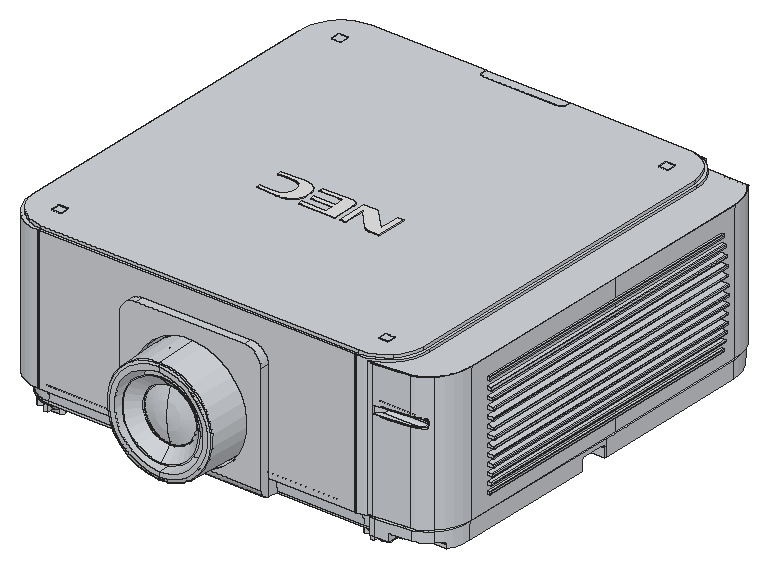
Revit family "PX602WL", category Generic Models, Revit 2012 (continued)
Forms (in)
  Extrusion 19, void
    sketch origin (0, 0, 0) x (1, 0, 0) y (0, 1, 0)
      loop
        line (7.63516, 1.75846) -> (7.64078, 1.38429)
        arc (7.64078, 1.38429) -> (7.6505, 1.36155) -> (7.67339, 1.35217) r 0.03261
        line (7.67339, 1.35217) -> (8.04145, 1.35217)
        spline (8.04145, 1.35217) -> (8.04655, 1.35251) -> (8.05156, 1.3535) -> (8.05639, 1.35514) -> (8.06096, 1.35739) -> (8.06519, 1.36022) -> (8.06902, 1.36357) -> (8.07238, 1.3674) -> (8.07521, 1.37164) -> (8.07746, 1.37621) -> (8.0791, 1.38104) -> (8.08009, 1.38605) -> (8.08043, 1.39114)
        line (8.08043, 1.39114) -> (8.07493, 1.75732)
        arc (8.07493, 1.75732) -> (8.06279, 1.78572) -> (8.03421, 1.79744) r 0.04073
      loop
        line (-7.61969, 1.39114) -> (-7.62518, 1.75703)
        arc (-7.62518, 1.75703) -> (-7.64346, 1.7998) -> (-7.6865, 1.81744) r 0.06133
        line (-7.6865, 1.81744) -> (-8.04598, 1.81744)
        spline (-8.04598, 1.81744) -> (-8.05369, 1.81693) -> (-8.06126, 1.81543) -> (-8.06856, 1.81295) -> (-8.07548, 1.80954) -> (-8.08189, 1.80526) -> (-8.08769, 1.80017) -> (-8.09278, 1.79438) -> (-8.09706, 1.78796) -> (-8.10047, 1.78104) -> (-8.10295, 1.77374) -> (-8.10445, 1.76617) -> (-8.10496, 1.75846)
        line (-8.10496, 1.75846) -> (-8.09936, 1.38538)
        arc (-8.09936, 1.38538) -> (-8.08325, 1.34771) -> (-8.04535, 1.33217) r 0.05402
        line (-8.04535, 1.33217) -> (-7.67866, 1.33217)
        spline (-7.67866, 1.33217) -> (-7.67096, 1.33267) -> (-7.66339, 1.33418) -> (-7.65608, 1.33666) -> (-7.64916, 1.34007) -> (-7.64275, 1.34435) -> (-7.63695, 1.34943) -> (-7.63187, 1.35523) -> (-7.62759, 1.36164) -> (-7.62418, 1.36856) -> (-7.6217, 1.37587) -> (-7.62019, 1.38344) -> (-7.61969, 1.39114)
      loop
        line (-7.68591, 1.79744) -> (-8.04598, 1.79744)
        spline (-8.04598, 1.79744) -> (-8.05108, 1.7971) -> (-8.05608, 1.79611) -> (-8.06091, 1.79447) -> (-8.06548, 1.79222) -> (-8.06972, 1.78939) -> (-8.07355, 1.78603) -> (-8.07691, 1.7822) -> (-8.07973, 1.77797) -> (-8.08199, 1.7734) -> (-8.08362, 1.76857) -> (-8.08462, 1.76356) -> (-8.08495, 1.75846)
        line (-8.08495, 1.75846) -> (-8.07934, 1.38429)
        arc (-8.07934, 1.38429) -> (-8.06962, 1.36155) -> (-8.04673, 1.35217) r 0.03261
        line (-8.04673, 1.35217) -> (-7.67866, 1.35217)
        spline (-7.67866, 1.35217) -> (-7.67357, 1.35251) -> (-7.66856, 1.3535) -> (-7.66373, 1.35514) -> (-7.65916, 1.35739) -> (-7.65493, 1.36022) -> (-7.6511, 1.36357) -> (-7.64774, 1.3674) -> (-7.64491, 1.37164) -> (-7.64266, 1.37621) -> (-7.64102, 1.38104) -> (-7.64003, 1.38605) -> (-7.63969, 1.39114)
        line (-7.63969, 1.39114) -> (-7.64519, 1.75732)
        arc (-7.64519, 1.75732) -> (-7.65733, 1.78572) -> (-7.68591, 1.79744) r 0.04073
      loop
        line (-7.61575, 18.2061) -> (-7.62124, 18.57199)
        arc (-7.62124, 18.57199) -> (-7.63952, 18.61476) -> (-7.68256, 18.6324) r 0.06133
        line (-7.68256, 18.6324) -> (-8.04205, 18.6324)
        spline (-8.04205, 18.6324) -> (-8.04975, 18.63189) -> (-8.05732, 18.63039) -> (-8.06463, 18.62791) -> (-8.07154, 18.6245) -> (-8.07796, 18.62022) -> (-8.08376, 18.61513) -> (-8.08884, 18.60934) -> (-8.09312, 18.60292) -> (-8.09653, 18.596) -> (-8.09901, 18.5887) -> (-8.10052, 18.58113) -> (-8.10102, 18.57342)
        line (-8.10102, 18.57342) -> (-8.09542, 18.20034)
        arc (-8.09542, 18.20034) -> (-8.07932, 18.16267) -> (-8.04141, 18.14713) r 0.05402
        line (-8.04141, 18.14713) -> (-7.67473, 18.14713)
        spline (-7.67473, 18.14713) -> (-7.66702, 18.14763) -> (-7.65945, 18.14914) -> (-7.65215, 18.15162) -> (-7.64523, 18.15503) -> (-7.63881, 18.15931) -> (-7.63302, 18.16439) -> (-7.62793, 18.17019) -> (-7.62365, 18.1766) -> (-7.62024, 18.18352) -> (-7.61776, 18.19083) -> (-7.61626, 18.1984) -> (-7.61575, 18.2061)
      loop
        line (-7.68197, 18.6124) -> (-8.04205, 18.6124)
        spline (-8.04205, 18.6124) -> (-8.04714, 18.61206) -> (-8.05215, 18.61107) -> (-8.05698, 18.60943) -> (-8.06155, 18.60718) -> (-8.06578, 18.60435) -> (-8.06961, 18.60099) -> (-8.07297, 18.59716) -> (-8.0758, 18.59293) -> (-8.07805, 18.58836) -> (-8.07969, 18.58353) -> (-8.08068, 18.57852) -> (-8.08102, 18.57343)
        line (-8.08102, 18.57343) -> (-8.0754, 18.19925)
        arc (-8.0754, 18.19925) -> (-8.06568, 18.17651) -> (-8.04279, 18.16713) r 0.03261
        line (-8.04279, 18.16713) -> (-7.67473, 18.16713)
        spline (-7.67473, 18.16713) -> (-7.66963, 18.16747) -> (-7.66462, 18.16846) -> (-7.6598, 18.1701) -> (-7.65523, 18.17235) -> (-7.65099, 18.17518) -> (-7.64716, 18.17854) -> (-7.6438, 18.18237) -> (-7.64097, 18.1866) -> (-7.63872, 18.19117) -> (-7.63708, 18.196) -> (-7.63609, 18.20101) -> (-7.63575, 18.2061)
        line (-7.63575, 18.2061) -> (-7.64125, 18.57228)
        arc (-7.64125, 18.57228) -> (-7.65339, 18.60068) -> (-7.68197, 18.6124) r 0.04073
      loop
        arc (-1.79676, 19.46232) -> (-1.93197, 19.52626) -> (-1.98693, 19.66535) r 0.20347
        line (-1.98693, 19.66535) -> (-1.98693, 20.03937) -> (-2.02693, 20.03937) -> (-2.02693, 19.66535)
        arc (-2.02693, 19.66535) -> (-1.96069, 19.49842) -> (-1.79801, 19.42232) r 0.24347
        line (-1.79801, 19.42232) -> (1.76892, 19.42232)
        arc (1.76892, 19.42232) -> (1.94064, 19.47942) -> (2.02553, 19.63924) r 0.24347
        line (2.02553, 19.63924) -> (2.02368, 20.03937) -> (1.98368, 20.03937) -> (1.98552, 19.6414)
        arc (1.98552, 19.6414) -> (1.9235, 19.51774) -> (1.79676, 19.46232) r 0.20347
        line (1.79676, 19.46232) -> (-1.79676, 19.46232)
    from 7.88583 to 8.68365
  Extrusion 20, void
    sketch origin (0, 0, 0) x (1, 0, 0) y (0, 0, 1)
      loop
        line (8.20807, 7.89363) -> (8.20807, 2.34116) -> (10.60515, 2.383)
        arc (10.60515, 2.383) -> (10.77909, 2.45774) -> (10.85078, 2.63296) r 0.25
        line (10.85078, 2.63296) -> (10.85078, 7.55992)
        arc (10.85078, 7.55992) -> (10.78062, 7.73359) -> (10.60951, 7.80977) r 0.25
        line (10.60951, 7.80977) -> (8.20807, 7.89363)
    from -20.19187 to -19.37647
  Extrusion 21, solid
    sketch origin (0, 0, 0) x (1, 0, 0) y (0, 1, 0)
      loop
        line (8.43945, 19.99937) -> (8.39945, 19.99937) -> (8.39945, 19.85466)
        arc (8.39945, 19.85466) -> (8.4195, 19.84516) -> (8.43945, 19.83544) r 1.9685
        line (8.43945, 19.83544) -> (8.43945, 19.99937)
    from 8.00394 to 8.44766
  Extrusion 22, solid
    sketch origin (0, 0, 0) x (0, 1, 0) y (0, 0, 1)
      loop
        line (19.45669, 8.4316) -> (19.41669, 8.4316) -> (19.41669, 8.1612)
        spline (19.41669, 8.1612) -> (19.41839, 8.13544) -> (19.42342, 8.11013) -> (19.4317, 8.08569) -> (19.44311, 8.06255) -> (19.45744, 8.04109) -> (19.47444, 8.02169) -> (19.49385, 8.00469) -> (19.51531, 7.99035) -> (19.53845, 7.97894) -> (19.56288, 7.97066) -> (19.5882, 7.96563) -> (19.61396, 7.96394)
        line (19.61396, 7.96394) -> (20.03516, 7.96394) -> (20.03516, 8.00394) -> (19.61396, 8.00394)
        spline (19.61396, 8.00394) -> (19.59341, 8.00528) -> (19.57323, 8.00929) -> (19.55374, 8.0159) -> (19.53529, 8.02499) -> (19.51819, 8.03641) -> (19.50273, 8.04997) -> (19.48917, 8.06543) -> (19.47775, 8.08254) -> (19.46866, 8.10099) -> (19.46205, 8.12047) -> (19.45804, 8.14066) -> (19.45669, 8.1612)
        line (19.45669, 8.1612) -> (19.45669, 8.4316)
    from 8.43945 to 11.05244
  Extrusion 23, void
    sketch origin (0, 0, 0) x (1, 0, 0) y (0, 1, 0)
      loop
        line (10.95724, 19.41669) -> (11.05244, 19.41669) -> (11.05244, 20.03516) -> (8.66351, 20.03516)
        arc (8.66351, 20.03516) -> (9.3974, 19.98738) -> (10.12622, 19.88887) r 10.60873
        arc (10.12622, 19.88887) -> (10.58319, 19.72575) -> (10.95724, 19.41669) r 1.40265
    from 7.91293 to 8.45044
  Extrusion 24, void
    sketch origin (0, 0, 0) x (1, 0, 0) y (0, 0, 1)
      loop
        line (1.78395, 7.68898) -> (-1.78298, 7.68898) -> (-1.78298, 7.64898) -> (1.78395, 7.64898) -> (1.78395, 7.68898)
    from -20.23011 to -19.88189
  Extrusion 25, void
    sketch origin (0, 0, 0) x (1, 0, 0) y (0, 0, 1)
      loop
        line (-9.98329, 7.48031) -> (-9.98329, 7.44094) -> (9.47687, 7.44094) -> (9.47687, 7.48031) -> (-9.98329, 7.48031)
    from -20.19187 to -18
  Extrusion 26, void
    sketch origin (0, 0, 0) x (1, 0, 0) y (0, 0, 1)
      loop
        line (1.58758, 7.27611) -> (-7.59447, 7.27611)
        arc (-7.59447, 7.27611) -> (-7.81719, 7.18386) -> (-7.90944, 6.96115) r 0.31496
        line (-7.90944, 6.96115) -> (-7.90944, 3.86173)
        arc (-7.90944, 3.86173) -> (-7.81719, 3.63902) -> (-7.59447, 3.54677) r 0.31496
        line (-7.59447, 3.54677) -> (1.58758, 3.54677)
        arc (1.58758, 3.54677) -> (1.81029, 3.63902) -> (1.90254, 3.86173) r 0.31496
        line (1.90254, 3.86173) -> (1.90254, 6.96115)
        arc (1.90254, 6.96115) -> (1.81029, 7.18386) -> (1.58758, 7.27611) r 0.31496
      loop
        line (-6.70407, 3.05762) -> (-6.70407, 2.18636)
        arc (-6.70407, 2.18636) -> (-6.66563, 2.09356) -> (-6.57283, 2.05512) r 0.13124
        line (-6.57283, 2.05512) -> (-5.26554, 2.05512)
        arc (-5.26554, 2.05512) -> (-5.18032, 2.09042) -> (-5.14502, 2.17564) r 0.12052
        line (-5.14502, 2.17564) -> (-5.14502, 3.04993)
        arc (-5.14502, 3.04993) -> (-5.18344, 3.14268) -> (-5.27619, 3.1811) r 0.13117
        line (-5.27619, 3.1811) -> (-6.58059, 3.1811)
        arc (-6.58059, 3.1811) -> (-6.6679, 3.14494) -> (-6.70407, 3.05762) r 0.12348
      loop
        circle (7.0871, 7.79528) r 0.15748
      loop
        circle (7.0871, 2.32283) r 0.17717
      loop
        circle (7.0871, 2.32283) r 0.0748
      loop
        circle (7.0871, 7.79528) r 0.0748
      loop
        circle (0.00049, 2.32283) r 0.17717
      loop
        circle (0.00049, 2.32283) r 0.09445
      loop
        arc (-0.82825, 2.22638) -> (-0.80041, 2.23791) -> (-0.78888, 2.26575) r 0.03937
        line (-0.78888, 2.26575) -> (-0.78888, 2.30512)
        arc (-0.78888, 2.30512) -> (-0.80041, 2.33296) -> (-0.82825, 2.34449) r 0.03937
        line (-0.82825, 2.34449) -> (-1.0251, 2.34449)
        arc (-1.0251, 2.34449) -> (-1.05294, 2.33296) -> (-1.06447, 2.30512) r 0.03937
        line (-1.06447, 2.30512) -> (-1.06447, 2.26575)
        arc (-1.06447, 2.26575) -> (-1.05294, 2.23791) -> (-1.0251, 2.22638) r 0.03937
        line (-1.0251, 2.22638) -> (-0.82825, 2.22638)
      loop
        circle (-7.08613, 2.32283) r 0.17717
      loop
        circle (-7.08613, 2.32283) r 0.0748
      loop
        circle (-7.08613, 7.79528) r 0.15748
      loop
        circle (-7.08613, 7.79528) r 0.0748
    from -20.19851 to -19.72734
  Extrusion 27, solid
    sketch origin (0, 0, 0) x (1, 0, 0) y (0, 0, 1)
      loop
        line (1.88254, 3.86173) -> (1.88254, 6.96115)
        arc (1.88254, 6.96115) -> (1.79615, 7.16972) -> (1.58758, 7.25611) r 0.29496
        line (1.58758, 7.25611) -> (-7.59447, 7.25611)
        arc (-7.59447, 7.25611) -> (-7.80304, 7.16972) -> (-7.88944, 6.96115) r 0.29496
        line (-7.88944, 6.96115) -> (-7.88944, 3.86173)
        arc (-7.88944, 3.86173) -> (-7.80304, 3.65316) -> (-7.59447, 3.56677) r 0.29496
        line (-7.59447, 3.56677) -> (1.58758, 3.56677)
        arc (1.58758, 3.56677) -> (1.79615, 3.65316) -> (1.88254, 3.86173) r 0.29496
      loop
        line (-6.77508, 4.01086) -> (0.73665, 4.01086)
        arc (0.73665, 4.01086) -> (0.98236, 4.11262) -> (1.08411, 4.35827) r 0.3474
        line (1.08411, 4.35827) -> (1.08411, 5.09843)
        arc (1.08411, 5.09843) -> (0.98236, 5.34407) -> (0.73671, 5.44582) r 0.3474
        line (0.73671, 5.44582) -> (-6.7751, 5.44583)
        arc (-6.7751, 5.44583) -> (-7.02075, 5.34407) -> (-7.1225, 5.09843) r 0.3474
        line (-7.1225, 5.09843) -> (-7.12251, 4.35827)
        arc (-7.12251, 4.35827) -> (-7.02075, 4.11262) -> (-6.77508, 4.01086) r 0.3474
      loop
        line (-7.09006, 5.09703) -> (-7.09006, 4.35716)
        arc (-7.09006, 4.35716) -> (-6.99814, 4.13523) -> (-6.77621, 4.04331) r 0.31386
        line (-6.77621, 4.04331) -> (0.74062, 4.04331)
        arc (0.74062, 4.04331) -> (0.96057, 4.13441) -> (1.05167, 4.35435) r 0.31104
        line (1.05167, 4.35435) -> (1.05167, 5.09739)
        arc (1.05167, 5.09739) -> (0.95912, 5.32083) -> (0.73567, 5.41339) r 0.31599
        line (0.73567, 5.41339) -> (-6.7737, 5.41339)
        arc (-6.7737, 5.41339) -> (-6.9974, 5.32073) -> (-7.09006, 5.09703) r 0.31636
      loop
        circle (0.76033, 4.70866) r 0.15748
      loop
        circle (0.76033, 4.70866) r 0.1378
      loop
        circle (0.76033, 4.70866) r 0.08268
      loop
        circle (-6.79872, 4.70866) r 0.15748
      loop
        circle (-6.79872, 4.70866) r 0.1378
      loop
        circle (-6.79872, 4.70866) r 0.0689
      loop
        line (1.49358, 6.08627) -> (1.49358, 6.65279)
        arc (1.49358, 6.65279) -> (1.47728, 6.69214) -> (1.43792, 6.70844) r 0.05566
        line (1.43792, 6.70844) -> (0.78732, 6.70844)
        arc (0.78732, 6.70844) -> (0.74528, 6.69103) -> (0.72787, 6.64899) r 0.05945
        line (0.72787, 6.64899) -> (0.72787, 6.08767)
        arc (0.72787, 6.08767) -> (0.74541, 6.04532) -> (0.78776, 6.02778) r 0.05989
        line (0.78776, 6.02778) -> (1.43509, 6.02778)
        arc (1.43509, 6.02778) -> (1.47645, 6.04491) -> (1.49358, 6.08627) r 0.05849
      loop
        line (-0.6951, 7.18974) -> (-3.49004, 7.18974)
        arc (-3.49004, 7.18974) -> (-3.59124, 7.14783) -> (-3.63315, 7.04663) r 0.14311
        line (-3.63315, 7.04663) -> (-3.63315, 6.78342)
        arc (-3.63315, 6.78342) -> (-3.59724, 6.69661) -> (-3.5105, 6.66052) r 0.1229
        line (-3.5105, 6.66052) -> (-0.69129, 6.65474)
        arc (-0.69129, 6.65474) -> (-0.59483, 6.69452) -> (-0.55485, 6.7909) r 0.13616
        line (-0.55485, 6.7909) -> (-0.55485, 7.04949)
        arc (-0.55485, 7.04949) -> (-0.59593, 7.14866) -> (-0.6951, 7.18974) r 0.14025
      loop
        line (-0.69629, 7.16634) -> (-3.49171, 7.16634)
        spline (-3.49171, 7.16634) -> (-3.50712, 7.16533) -> (-3.52227, 7.16232) -> (-3.53689, 7.15736) -> (-3.55074, 7.15053) -> (-3.56358, 7.14195) -> (-3.57518, 7.13177) -> (-3.58536, 7.12017) -> (-3.59394, 7.10733) -> (-3.60077, 7.09348) -> (-3.60573, 7.07886) -> (-3.60874, 7.06371) -> (-3.60975, 7.0483)
        line (-3.60975, 7.0483) -> (-3.60975, 6.79619)
        spline (-3.60975, 6.79619) -> (-3.60874, 6.78078) -> (-3.60573, 6.76563) -> (-3.60077, 6.75101) -> (-3.59394, 6.73716) -> (-3.58536, 6.72432) -> (-3.57518, 6.71271) -> (-3.56358, 6.70254) -> (-3.55074, 6.69396) -> (-3.53689, 6.68713) -> (-3.52227, 6.68217) -> (-3.50712, 6.67916) -> (-3.49171, 6.67815)
        line (-3.49171, 6.67815) -> (-0.69629, 6.67815)
        spline (-0.69629, 6.67815) -> (-0.68088, 6.67916) -> (-0.66573, 6.68217) -> (-0.65111, 6.68713) -> (-0.63726, 6.69396) -> (-0.62442, 6.70254) -> (-0.61282, 6.71271) -> (-0.60264, 6.72432) -> (-0.59406, 6.73716) -> (-0.58723, 6.75101) -> (-0.58227, 6.76563) -> (-0.57926, 6.78078) -> (-0.57825, 6.79619)
        line (-0.57825, 6.79619) -> (-0.57825, 7.0483)
        spline (-0.57825, 7.0483) -> (-0.57926, 7.06371) -> (-0.58227, 7.07886) -> (-0.58723, 7.09348) -> (-0.59406, 7.10733) -> (-0.60264, 7.12017) -> (-0.61282, 7.13177) -> (-0.62442, 7.14195) -> (-0.63726, 7.15053) -> (-0.65111, 7.15736) -> (-0.66573, 7.16232) -> (-0.68088, 7.16533) -> (-0.69629, 7.16634)
      loop
        line (-0.71605, 7.07579) -> (-1.3066, 7.07579)
        arc (-1.3066, 7.07579) -> (-1.33444, 7.06426) -> (-1.34597, 7.03642) r 0.03937
        line (-1.34597, 7.03642) -> (-1.34597, 6.80807)
        arc (-1.34597, 6.80807) -> (-1.33444, 6.78023) -> (-1.3066, 6.7687) r 0.03937
        line (-1.3066, 6.7687) -> (-0.71605, 6.7687)
        arc (-0.71605, 6.7687) -> (-0.68821, 6.78023) -> (-0.67668, 6.80807) r 0.03937
        line (-0.67668, 6.80807) -> (-0.67668, 7.03642)
        arc (-0.67668, 7.03642) -> (-0.68821, 7.06426) -> (-0.71605, 7.07579) r 0.03937
      loop
        arc (-3.35384, 7.07579) -> (-3.38168, 7.06426) -> (-3.39321, 7.03642) r 0.03937
        line (-3.39321, 7.03642) -> (-3.39321, 6.80807)
        arc (-3.39321, 6.80807) -> (-3.38168, 6.78023) -> (-3.35384, 6.7687) r 0.03937
        line (-3.35384, 6.7687) -> (-2.76329, 6.7687)
        arc (-2.76329, 6.7687) -> (-2.73545, 6.78023) -> (-2.72392, 6.80807) r 0.03937
        line (-2.72392, 6.80807) -> (-2.72392, 7.03642)
        arc (-2.72392, 7.03642) -> (-2.73545, 7.06426) -> (-2.76329, 7.07579) r 0.03937
        line (-2.76329, 7.07579) -> (-3.35384, 7.07579)
      loop
        circle (-1.01132, 6) r 0.25962
      loop
        circle (-1.01132, 6) r 0.23828
      loop
        circle (-1.01132, 6) r 0.15748
      loop
        circle (-1.01132, 6) r 0.1378
      loop
        circle (-1.01132, 6) r 0.09055
      loop
        line (-1.4624, 6.29899) -> (-2.94828, 6.29899)
        arc (-2.94828, 6.29899) -> (-3.27963, 6.2295) -> (-3.36143, 5.90097) r 0.31867
        line (-3.36143, 5.90097) -> (-3.43663, 5.82198)
        arc (-3.43663, 5.82198) -> (-3.4317, 5.62191) -> (-3.23162, 5.62684) r 0.14151
        line (-3.23162, 5.62684) -> (-3.163, 5.69893)
        arc (-3.163, 5.69893) -> (-3.05546, 5.68134) -> (-2.94828, 5.70101) r 0.31867
        line (-2.94828, 5.70101) -> (-1.46108, 5.70101)
        arc (-1.46108, 5.70101) -> (-1.39097, 5.73004) -> (-1.36193, 5.80015) r 0.09915
        line (-1.36193, 5.80015) -> (-1.36193, 6.19853)
        arc (-1.36193, 6.19853) -> (-1.39136, 6.26957) -> (-1.4624, 6.29899) r 0.10047
      loop
        line (-1.46403, 6.27559) -> (-2.60547, 6.27559)
        spline (-2.60547, 6.27559) -> (-2.61574, 6.27492) -> (-2.62584, 6.27291) -> (-2.63559, 6.2696) -> (-2.64482, 6.26505) -> (-2.65338, 6.25933) -> (-2.66111, 6.25255) -> (-2.6679, 6.24481) -> (-2.67362, 6.23625) -> (-2.67817, 6.22702) -> (-2.68148, 6.21727) -> (-2.68348, 6.20717) -> (-2.68416, 6.1969)
        line (-2.68416, 6.1969) -> (-2.68416, 5.8031)
        spline (-2.68416, 5.8031) -> (-2.68348, 5.79283) -> (-2.68148, 5.78273) -> (-2.67817, 5.77298) -> (-2.67362, 5.76375) -> (-2.6679, 5.75519) -> (-2.66111, 5.74745) -> (-2.65338, 5.74067) -> (-2.64482, 5.73495) -> (-2.63559, 5.7304) -> (-2.62584, 5.72709) -> (-2.61574, 5.72508) -> (-2.60547, 5.72441)
        line (-2.60547, 5.72441) -> (-1.46403, 5.72441)
        spline (-1.46403, 5.72441) -> (-1.45376, 5.72508) -> (-1.44366, 5.72709) -> (-1.43391, 5.7304) -> (-1.42468, 5.73495) -> (-1.41612, 5.74067) -> (-1.40838, 5.74745) -> (-1.4016, 5.75519) -> (-1.39588, 5.76375) -> (-1.39133, 5.77298) -> (-1.38802, 5.78273) -> (-1.38601, 5.79283) -> (-1.38534, 5.8031)
        line (-1.38534, 5.8031) -> (-1.38534, 6.1969)
        spline (-1.38534, 6.1969) -> (-1.38601, 6.20717) -> (-1.38802, 6.21727) -> (-1.39133, 6.22702) -> (-1.39588, 6.23625) -> (-1.4016, 6.24481) -> (-1.40838, 6.25255) -> (-1.41612, 6.25933) -> (-1.42468, 6.26505) -> (-1.43391, 6.2696) -> (-1.44366, 6.27291) -> (-1.45376, 6.27492) -> (-1.46403, 6.27559)
      loop
        circle (-1.54282, 6) r 0.0689
      loop
        circle (-1.54282, 6) r 0.04245
      loop
        arc (-1.68527, 6.1983) -> (-1.6985, 6.22233) -> (-1.72421, 6.23189) r 0.03937
        line (-1.72421, 6.23189) -> (-2.34528, 6.23189)
        arc (-2.34528, 6.23189) -> (-2.37099, 6.22233) -> (-2.38423, 6.1983) r 0.03937
        line (-2.38423, 6.1983) -> (-2.44143, 5.81327)
        arc (-2.44143, 5.81327) -> (-2.4323, 5.78177) -> (-2.40248, 5.76811) r 0.03937
        line (-2.40248, 5.76811) -> (-1.66701, 5.76811)
        arc (-1.66701, 5.76811) -> (-1.6372, 5.78177) -> (-1.62807, 5.81327) r 0.03937
        line (-1.62807, 5.81327) -> (-1.68527, 6.1983)
      loop
        circle (-2.52668, 6) r 0.0689
      loop
        circle (-2.52668, 6) r 0.04245
      loop
        circle (-1.01132, 6.56791) r 0.06809
      loop
        circle (-1.01132, 6.56791) r 0.04841
      loop
        circle (-3.05871, 6.56319) r 0.06809
      loop
        circle (-3.05871, 6.56319) r 0.04841
      loop
        circle (-3.93652, 6.33858) r 0.14567
      loop
        circle (-3.93652, 6.33858) r 0.1378
      loop
        circle (-3.93652, 6.33858) r 0.09651
      loop
        circle (-3.93652, 6.33858) r 0.0748
      loop
        line (-4.4755, 6.27931) -> (-7.31014, 6.27931)
        arc (-7.31014, 6.27931) -> (-7.58945, 6) -> (-7.31014, 5.72069) r 0.27931
        line (-7.31014, 5.72069) -> (-7.10554, 5.72069)
        arc (-7.10554, 5.72069) -> (-6.94833, 5.52384) -> (-6.79112, 5.72069) r 0.1612
        line (-6.79112, 5.72069) -> (-4.4755, 5.72069)
        arc (-4.4755, 5.72069) -> (-4.19619, 6) -> (-4.4755, 6.27931) r 0.27931
      loop
        line (-5.15824, 7.09919) -> (-6.30615, 7.09919)
        arc (-6.30615, 7.09919) -> (-6.37855, 7.0692) -> (-6.40855, 6.99679) r 0.1024
        line (-6.40855, 6.99679) -> (-6.40855, 6.59206)
        arc (-6.40855, 6.59206) -> (-6.38194, 6.52781) -> (-6.31769, 6.5012) r 0.09085
        line (-6.31769, 6.5012) -> (-5.16011, 6.5012)
        arc (-5.16011, 6.5012) -> (-5.09139, 6.52967) -> (-5.06292, 6.59839) r 0.09719
        line (-5.06292, 6.59839) -> (-5.06292, 7.00387)
        arc (-5.06292, 7.00387) -> (-5.09084, 7.07127) -> (-5.15824, 7.09919) r 0.09532
      loop
        line (-6.38514, 6.9971) -> (-6.38514, 6.6033)
        spline (-6.38514, 6.6033) -> (-6.38447, 6.59302) -> (-6.38246, 6.58293) -> (-6.37915, 6.57318) -> (-6.3746, 6.56394) -> (-6.36888, 6.55539) -> (-6.3621, 6.54765) -> (-6.35436, 6.54086) -> (-6.3458, 6.53515) -> (-6.33657, 6.53059) -> (-6.32682, 6.52729) -> (-6.31672, 6.52528) -> (-6.30645, 6.52461)
        line (-6.30645, 6.52461) -> (-5.16501, 6.52461)
        spline (-5.16501, 6.52461) -> (-5.15474, 6.52528) -> (-5.14464, 6.52729) -> (-5.13489, 6.53059) -> (-5.12566, 6.53515) -> (-5.1171, 6.54086) -> (-5.10937, 6.54765) -> (-5.10258, 6.55539) -> (-5.09686, 6.56394) -> (-5.09231, 6.57318) -> (-5.089, 6.58293) -> (-5.087, 6.59302) -> (-5.08632, 6.6033)
        line (-5.08632, 6.6033) -> (-5.08632, 6.9971)
        spline (-5.08632, 6.9971) -> (-5.087, 7.00737) -> (-5.089, 7.01747) -> (-5.09231, 7.02722) -> (-5.09686, 7.03645) -> (-5.10258, 7.04501) -> (-5.10937, 7.05274) -> (-5.1171, 7.05953) -> (-5.12566, 7.06525) -> (-5.13489, 7.0698) -> (-5.14464, 7.07311) -> (-5.15474, 7.07511) -> (-5.16501, 7.07579)
        line (-5.16501, 7.07579) -> (-6.30645, 7.07579)
        spline (-6.30645, 7.07579) -> (-6.31672, 7.07511) -> (-6.32682, 7.07311) -> (-6.33657, 7.0698) -> (-6.3458, 7.06525) -> (-6.35436, 7.05953) -> (-6.3621, 7.05274) -> (-6.36888, 7.04501) -> (-6.3746, 7.03645) -> (-6.37915, 7.02722) -> (-6.38246, 7.01747) -> (-6.38447, 7.00737) -> (-6.38514, 6.9971)
      loop
        arc (-5.39725, 6.97018) -> (-5.41066, 6.99366) -> (-5.43606, 7.00295) r 0.03937
        line (-5.43606, 7.00295) -> (-6.05855, 7.00295)
        arc (-6.05855, 7.00295) -> (-6.08395, 6.99366) -> (-6.09736, 6.97018) r 0.03937
        line (-6.09736, 6.97018) -> (-6.15289, 6.64341)
        arc (-6.15289, 6.64341) -> (-6.14415, 6.61141) -> (-6.11407, 6.59744) r 0.03937
        line (-6.11407, 6.59744) -> (-5.38055, 6.59744)
        arc (-5.38055, 6.59744) -> (-5.35047, 6.61141) -> (-5.34173, 6.64341) r 0.03937
        line (-5.34173, 6.64341) -> (-5.39725, 6.97018)
      loop
        circle (-5.2438, 6.8002) r 0.0689
      loop
        circle (-5.2438, 6.8002) r 0.04245
      loop
        circle (-6.2277, 6.79843) r 0.0689
      loop
        circle (-6.22766, 6.79844) r 0.04245
      loop
        line (-7.02335, 6.4516) -> (-7.02335, 7.04966)
        arc (-7.02335, 7.04966) -> (-7.06409, 7.14802) -> (-7.16245, 7.18876) r 0.1391
        line (-7.16245, 7.18876) -> (-7.44474, 7.18876)
        arc (-7.44474, 7.18876) -> (-7.54178, 7.14857) -> (-7.58197, 7.05153) r 0.13723
        line (-7.58197, 7.05153) -> (-7.58197, 6.44863)
        arc (-7.58197, 6.44863) -> (-7.54288, 6.35427) -> (-7.44852, 6.31518) r 0.13346
        line (-7.44852, 6.31518) -> (-7.15977, 6.31518)
        arc (-7.15977, 6.31518) -> (-7.06331, 6.35513) -> (-7.02335, 6.4516) r 0.13642
      loop
        spline (-7.04469, 7.04938) -> (-7.0457, 7.06479) -> (-7.04871, 7.07994) -> (-7.05368, 7.09456) -> (-7.0605, 7.10841) -> (-7.06908, 7.12125) -> (-7.07926, 7.13285) -> (-7.09086, 7.14303) -> (-7.1037, 7.15161) -> (-7.11755, 7.15843) -> (-7.13217, 7.1634) -> (-7.14732, 7.16641) -> (-7.16273, 7.16742)
        line (-7.16273, 7.16742) -> (-7.44259, 7.16742)
        spline (-7.44259, 7.16742) -> (-7.458, 7.16641) -> (-7.47315, 7.1634) -> (-7.48777, 7.15843) -> (-7.50162, 7.15161) -> (-7.51446, 7.14303) -> (-7.52607, 7.13285) -> (-7.53624, 7.12125) -> (-7.54482, 7.10841) -> (-7.55165, 7.09456) -> (-7.55661, 7.07994) -> (-7.55962, 7.06479) -> (-7.56063, 7.04938)
        line (-7.56063, 7.04938) -> (-7.56063, 6.45456)
        spline (-7.56063, 6.45456) -> (-7.55962, 6.43915) -> (-7.55661, 6.424) -> (-7.55165, 6.40938) -> (-7.54482, 6.39553) -> (-7.53624, 6.38269) -> (-7.52607, 6.37108) -> (-7.51446, 6.36091) -> (-7.50162, 6.35233) -> (-7.48777, 6.3455) -> (-7.47315, 6.34054) -> (-7.458, 6.33753) -> (-7.44259, 6.33652)
        line (-7.44259, 6.33652) -> (-7.16273, 6.33652)
        spline (-7.16273, 6.33652) -> (-7.14732, 6.33753) -> (-7.13217, 6.34054) -> (-7.11755, 6.3455) -> (-7.1037, 6.35233) -> (-7.09086, 6.36091) -> (-7.07926, 6.37108) -> (-7.06908, 6.38269) -> (-7.0605, 6.39553) -> (-7.05368, 6.40938) -> (-7.04871, 6.424) -> (-7.0457, 6.43915) -> (-7.04469, 6.45456)
        line (-7.04469, 6.45456) -> (-7.04469, 7.04938)
    from -19.94815 to -19.80701
  Extrusion 28, solid
    sketch origin (0, 0, 0) x (1, 0, 0) y (0, 0, 1)
      loop
        line (-5.25525, 3.16929) -> (-6.59384, 3.16929)
        arc (-6.59384, 3.16929) -> (-6.66343, 3.14046) -> (-6.69226, 3.07087) r 0.09843
        line (-6.69226, 3.07087) -> (-6.69226, 2.16535)
        arc (-6.69226, 2.16535) -> (-6.66343, 2.09576) -> (-6.59384, 2.06693) r 0.09843
        line (-6.59384, 2.06693) -> (-5.25525, 2.06693)
        arc (-5.25525, 2.06693) -> (-5.18566, 2.09576) -> (-5.15683, 2.16535) r 0.09843
        line (-5.15683, 2.16535) -> (-5.15683, 3.07087)
        arc (-5.15683, 3.07087) -> (-5.18566, 3.14046) -> (-5.25525, 3.16929) r 0.09843
      loop
        line (-6.12124, 2.94307) -> (-6.53494, 2.94307) -> (-6.53494, 2.27346) -> (-6.12124, 2.27346) -> (-6.12124, 2.94307)
    from -19.91165 to -19.88189
  Extrusion 29, solid
    sketch origin (0, 0, 0) x (1, 0, 0) y (0, 0, 1)
      loop
        line (-5.41081, 3.09055) -> (-5.87533, 3.09055) -> (-5.87533, 2.14567) -> (-5.41081, 2.14567) -> (-5.24541, 2.38189) -> (-5.24541, 2.85433) -> (-5.41081, 3.09055)
      loop
        line (-5.50852, 2.64764) -> (-5.50852, 2.58858) -> (-5.31167, 2.58858) -> (-5.31167, 2.64764) -> (-5.50852, 2.64764)
      loop
        line (-5.80474, 2.92819) -> (-5.80474, 2.86913) -> (-5.60789, 2.86913) -> (-5.60789, 2.92819) -> (-5.80474, 2.92819)
      loop
        line (-5.60789, 2.36709) -> (-5.80474, 2.36709) -> (-5.80474, 2.30803) -> (-5.60789, 2.30803) -> (-5.60789, 2.36709)
      loop
        line (-6.13124, 2.93307) -> (-6.52494, 2.93307) -> (-6.52494, 2.28346) -> (-6.13124, 2.28346) -> (-6.13124, 2.93307)
    from -20.03937 to -19.92126
  Extrusion 30, void
    sketch origin (0, 0, 0) x (0, 1, 0) y (0, 0, 1)
      loop
        line (20.03937, 2.28346) -> (20.03937, 2.93307) -> (19.92126, 2.93307)
        arc (19.92126, 2.93307) -> (19.96763, 2.60596) -> (20.03937, 2.28346) r 4.23259
    from -6.52494 to -6.13124
  Extrusion 31, solid
    sketch origin (0, 0, 0) x (1, 0, 0) y (0, 0, 1)
      loop
        line (1.4308, 6.64567) -> (0.79065, 6.64567) -> (0.79065, 6.09055) -> (1.4308, 6.09055) -> (1.4308, 6.64567)
      loop
        line (1.35206, 6.56693) -> (0.86939, 6.56693) -> (0.86939, 6.26378) -> (0.98868, 6.26378) -> (0.98868, 6.18898) -> (1.03198, 6.18898) -> (1.03198, 6.09843) -> (1.18946, 6.09843) -> (1.18946, 6.18898) -> (1.23277, 6.18898) -> (1.23277, 6.26378) -> (1.35206, 6.26378) -> (1.35206, 6.56693)
      loop
        line (1.41112, 6.24409) -> (1.25246, 6.24409) -> (1.25246, 6.12992) -> (1.41112, 6.12992) -> (1.41112, 6.24409)
      loop
        line (0.96899, 6.24409) -> (0.83002, 6.24409) -> (0.83002, 6.12992) -> (0.96899, 6.12992) -> (0.96899, 6.24409)
      loop
        arc (-0.74384, 6.97388) -> (-0.76887, 6.98886) -> (-0.78412, 7.01373) r 0.06117
        arc (-0.78412, 7.01373) -> (-0.79833, 7.02677) -> (-0.81703, 7.0315) r 0.03937
        line (-0.81703, 7.0315) -> (-1.20561, 7.0315)
        arc (-1.20561, 7.0315) -> (-1.22432, 7.02677) -> (-1.23853, 7.01372) r 0.03937
        arc (-1.23853, 7.01372) -> (-1.25635, 6.99188) -> (-1.27819, 6.97406) r 0.13947
        arc (-1.27819, 6.97406) -> (-1.29871, 6.9599) -> (-1.3066, 6.93625) r 0.03937
        line (-1.3066, 6.93625) -> (-1.3066, 6.85236)
        arc (-1.3066, 6.85236) -> (-1.29507, 6.82452) -> (-1.26723, 6.81299) r 0.03937
        line (-1.26723, 6.81299) -> (-0.75542, 6.81299)
        arc (-0.75542, 6.81299) -> (-0.72758, 6.82452) -> (-0.71605, 6.85236) r 0.03937
        line (-0.71605, 6.85236) -> (-0.71605, 6.93625)
        arc (-0.71605, 6.93625) -> (-0.72375, 6.95964) -> (-0.74384, 6.97388) r 0.03937
      loop
        line (-0.82554, 7.01181) -> (-1.19711, 7.01181)
        arc (-1.19711, 7.01181) -> (-1.21394, 7.00756) -> (-1.22674, 6.99581) r 0.03543
        arc (-1.22674, 6.99581) -> (-1.24218, 6.97302) -> (-1.26512, 6.95779) r 0.07122
        arc (-1.26512, 6.95779) -> (-1.28071, 6.94922) -> (-1.28691, 6.93254) r 0.02552
        line (-1.28691, 6.93254) -> (-1.28691, 6.85555)
        arc (-1.28691, 6.85555) -> (-1.28022, 6.83938) -> (-1.26404, 6.83268) r 0.02287
        line (-1.26404, 6.83268) -> (-0.75976, 6.83268)
        arc (-0.75976, 6.83268) -> (-0.74277, 6.83971) -> (-0.73573, 6.8567) r 0.02402
        line (-0.73573, 6.8567) -> (-0.73573, 6.93254)
        arc (-0.73573, 6.93254) -> (-0.74193, 6.94922) -> (-0.75752, 6.95779) r 0.02552
        arc (-0.75752, 6.95779) -> (-0.78046, 6.97302) -> (-0.79591, 6.99581) r 0.07122
        arc (-0.79591, 6.99581) -> (-0.8087, 7.00756) -> (-0.82554, 7.01181) r 0.03543
      loop
        arc (-1.20421, 6.94549) -> (-1.2275, 6.92228) -> (-1.20426, 6.89902) r 0.02324
        line (-1.20426, 6.89902) -> (-0.81465, 6.89902)
        arc (-0.81465, 6.89902) -> (-0.7919, 6.92174) -> (-0.8146, 6.94453) r 0.02276
        line (-0.8146, 6.94453) -> (-1.20421, 6.94549)
      loop
        line (-1.67989, 5.94473) -> (-1.70613, 6.09355)
        arc (-1.70613, 6.09355) -> (-1.74384, 6.15886) -> (-1.81469, 6.18465) r 0.11024
        line (-1.81469, 6.18465) -> (-2.2548, 6.18465)
        arc (-2.2548, 6.18465) -> (-2.32566, 6.15886) -> (-2.36336, 6.09355) r 0.11024
        line (-2.36336, 6.09355) -> (-2.3896, 5.94473)
        arc (-2.3896, 5.94473) -> (-2.36549, 5.85473) -> (-2.28104, 5.81535) r 0.11024
        line (-2.28104, 5.81535) -> (-1.78845, 5.81535)
        arc (-1.78845, 5.81535) -> (-1.70401, 5.85473) -> (-1.67989, 5.94473) r 0.11024
      loop
        circle (-1.87117, 6.05591) r 0.01969
      loop
        circle (-1.98022, 6.05591) r 0.01969
      loop
        circle (-2.08928, 6.05591) r 0.01969
      loop
        circle (-2.19833, 6.05591) r 0.01969
      loop
        circle (-2.25286, 5.94409) r 0.01969
      loop
        circle (-2.1438, 5.94409) r 0.01969
      loop
        circle (-2.03475, 5.94409) r 0.01969
      loop
        circle (-1.92569, 5.94409) r 0.01969
      loop
        circle (-1.81664, 5.94409) r 0.01969
      loop
        line (-2.74161, 7.02283) -> (-3.3735, 7.02283) -> (-3.3735, 6.83543) -> (-2.74161, 6.83543) -> (-2.74161, 7.02283)
      loop
        line (-2.80263, 6.97835) -> (-2.84263, 6.97835) -> (-2.84263, 6.94449) -> (-3.23507, 6.94449) -> (-3.23507, 6.97835) -> (-3.27507, 6.97835) -> (-3.27507, 6.91378) -> (-2.80263, 6.91378) -> (-2.80263, 6.97835)
      loop
        arc (-3.32553, 5.87391) -> (-3.32273, 5.85359) -> (-3.33205, 5.83532) r 0.03424
        line (-3.33205, 5.83532) -> (-3.38831, 5.77598)
        arc (-3.38831, 5.77598) -> (-3.3857, 5.67023) -> (-3.27994, 5.67284) r 0.0748
        line (-3.27994, 5.67284) -> (-3.2236, 5.73015)
        arc (-3.2236, 5.73015) -> (-3.20783, 5.73836) -> (-3.19025, 5.73573) r 0.02877
        arc (-3.19025, 5.73573) -> (-2.84755, 6.20657) -> (-3.32553, 5.87391) r 0.29528
      loop
        circle (-3.05853, 6) r 0.27559
      loop
        circle (-3.05853, 6) r 0.24606
      loop
        circle (-3.05853, 6) r 0.21654
      loop
        line (-3.092, 5.84612) -> (-3.092, 5.88189) -> (-3.02507, 5.88189) -> (-3.02507, 5.84612)
        arc (-3.02507, 5.84612) -> (-2.91639, 5.93222) -> (-2.9179, 6.07087) r 0.15748
        line (-2.9179, 6.07087) -> (-2.96011, 6.07087) -> (-2.96011, 6.12293)
        arc (-2.96011, 6.12293) -> (-3.05853, 6.15748) -> (-3.15696, 6.12293) r 0.15748
        line (-3.15696, 6.12293) -> (-3.15696, 6.07087) -> (-3.19917, 6.07087)
        arc (-3.19917, 6.07087) -> (-3.20068, 5.93222) -> (-3.092, 5.84612) r 0.15748
      loop
        line (-3.00932, 6.07087) -> (-3.00932, 6.12598) -> (-3.10775, 6.12598) -> (-3.10775, 6.07087) -> (-3.00932, 6.07087)
      loop
        circle (-2.96011, 6.01575) r 0.01969
      loop
        circle (-2.97979, 5.93701) r 0.01969
      loop
        circle (-3.13728, 5.93701) r 0.01969
      loop
        circle (-3.15696, 6.01575) r 0.01969
      loop
        circle (-3.33413, 5.72441) r 0.06693
      loop
        circle (-3.33413, 5.72441) r 0.04724
      loop
        line (-3.3835, 7.03283) -> (-3.3835, 6.82543) -> (-2.73161, 6.82543) -> (-2.73161, 7.03283) -> (-3.3835, 7.03283)
      loop
        circle (-4.4755, 6) r 0.23425
      loop
        circle (-4.4755, 6) r 0.18799
      loop
        circle (-4.4755, 6) r 0.15945
      loop
        circle (-4.4755, 6) r 0.07874
      loop
        circle (-4.4755, 6) r 0.01969
      loop
        circle (-5.18416, 6) r 0.23425
      loop
        circle (-5.18416, 6) r 0.18799
      loop
        circle (-5.18416, 6) r 0.15945
      loop
        circle (-5.18416, 6) r 0.07874
      loop
        circle (-5.18416, 6) r 0.01969
      loop
        circle (-5.89282, 6) r 0.23425
      loop
        circle (-5.89282, 6) r 0.18799
      loop
        circle (-5.89282, 6) r 0.15945
      loop
        circle (-5.89282, 6) r 0.07874
      loop
        circle (-5.89282, 6) r 0.01969
      loop
        circle (-6.60148, 6) r 0.23425
      loop
        circle (-6.60148, 6) r 0.18799
      loop
        circle (-6.60148, 6) r 0.15945
      loop
        circle (-6.60148, 6) r 0.07874
      loop
        circle (-6.60148, 6) r 0.01969
      loop
        circle (-7.31014, 6) r 0.23425
      loop
        circle (-7.31014, 6) r 0.18799
      loop
        circle (-7.31014, 6) r 0.15945
      loop
        circle (-7.31014, 6) r 0.07874
      loop
        circle (-7.31014, 6) r 0.01969
      loop
        line (-5.52009, 6.95571) -> (-5.95137, 6.95571)
        arc (-5.95137, 6.95571) -> (-6.00199, 6.93729) -> (-6.02892, 6.89064) r 0.07874
        line (-6.02892, 6.89064) -> (-6.05599, 6.7371)
        arc (-6.05599, 6.7371) -> (-6.03877, 6.67281) -> (-5.97845, 6.64469) r 0.07874
        line (-5.97845, 6.64469) -> (-5.49302, 6.64469)
        arc (-5.49302, 6.64469) -> (-5.4327, 6.67281) -> (-5.41547, 6.7371) r 0.07874
        line (-5.41547, 6.7371) -> (-5.44255, 6.89064)
        arc (-5.44255, 6.89064) -> (-5.46948, 6.93729) -> (-5.52009, 6.95571) r 0.07874
      loop
        circle (-5.56526, 6.87815) r 0.01378
      loop
        circle (-5.52018, 6.8002) r 0.01378
      loop
        circle (-5.56526, 6.72224) r 0.01378
      loop
        circle (-5.61034, 6.8002) r 0.01378
      loop
        circle (-5.65542, 6.87815) r 0.01378
      loop
        circle (-5.74557, 6.87815) r 0.01378
      loop
        circle (-5.83573, 6.87815) r 0.01378
      loop
        circle (-5.92589, 6.87815) r 0.01378
      loop
        circle (-5.7005, 6.8002) r 0.01378
      loop
        circle (-5.79065, 6.8002) r 0.01378
      loop
        circle (-5.88081, 6.8002) r 0.01378
      loop
        circle (-5.65542, 6.72224) r 0.01378
      loop
        circle (-5.74557, 6.72224) r 0.01378
      loop
        circle (-5.83573, 6.72224) r 0.01378
      loop
        circle (-5.92589, 6.72224) r 0.01378
      loop
        line (-7.30778, 6.54134) -> (-7.30778, 6.97835) -> (-7.35403, 6.97835)
        arc (-7.35403, 6.97835) -> (-7.37255, 6.97067) -> (-7.38022, 6.95215) r 0.02619
        line (-7.38022, 6.95215) -> (-7.38022, 6.56873)
        arc (-7.38022, 6.56873) -> (-7.3722, 6.54936) -> (-7.35283, 6.54134) r 0.02739
        line (-7.35283, 6.54134) -> (-7.30778, 6.54134)
      loop
        line (-7.3188, 6.9685) -> (-7.3504, 6.9685)
        arc (-7.3504, 6.9685) -> (-7.36453, 6.96265) -> (-7.37038, 6.94852) r 0.01998
        line (-7.37038, 6.94852) -> (-7.37038, 6.57193)
        arc (-7.37038, 6.57193) -> (-7.3643, 6.55726) -> (-7.34963, 6.55118) r 0.02075
        line (-7.34963, 6.55118) -> (-7.3188, 6.55118) -> (-7.3188, 6.9685)
      loop
        line (-7.20935, 6.51378) -> (-7.20935, 7.00591) -> (-7.41093, 7.00591) -> (-7.41093, 6.51378) -> (-7.20935, 6.51378)
      loop
        arc (-7.16764, 6.45079) -> (-7.13781, 6.46312) -> (-7.1254, 6.49292) r 0.04224
        line (-7.1254, 6.49292) -> (-7.124, 7.0418)
        arc (-7.124, 7.0418) -> (-7.13533, 7.06931) -> (-7.16281, 7.08071) r 0.03881
        line (-7.16281, 7.08071) -> (-7.44618, 7.08071)
        arc (-7.44618, 7.08071) -> (-7.46997, 7.07085) -> (-7.47983, 7.04706) r 0.03365
        line (-7.47983, 7.04706) -> (-7.47983, 6.47482)
        arc (-7.47983, 6.47482) -> (-7.47279, 6.45783) -> (-7.45579, 6.45079) r 0.02403
        line (-7.45579, 6.45079) -> (-7.16764, 6.45079)
    from -20.03937 to -19.80701
  Extrusion 32, void
    sketch origin (0, 0, 0) x (0, 1, 0) y (0, 0, 1)
      loop
        line (18.03937, 1.73228) -> (18.03937, 8.52858) -> (18, 8.52858) -> (18, 1.73228) -> (18.03937, 1.73228)
      loop
        line (16.24803, 2.10229) -> (16.24803, 2.1962)
        arc (16.24803, 2.1962) -> (16.24035, 2.21476) -> (16.22179, 2.22244) r 0.02624
        line (16.22179, 2.22244) -> (15.16716, 2.22244)
        arc (15.16716, 2.22244) -> (15.15196, 2.21615) -> (15.14567, 2.20095) r 0.02149
        line (15.14567, 2.20095) -> (15.14567, 2.09985)
        arc (15.14567, 2.09985) -> (15.15243, 2.08353) -> (15.16874, 2.07678) r 0.02307
        line (15.16874, 2.07678) -> (16.22251, 2.07678)
        arc (16.22251, 2.07678) -> (16.24056, 2.08425) -> (16.24803, 2.10229) r 0.02552
      loop
        arc (15.06693, 2.20042) -> (15.06048, 2.21599) -> (15.0449, 2.22244) r 0.02203
        line (15.0449, 2.22244) -> (13.98681, 2.22244)
        arc (13.98681, 2.22244) -> (13.97108, 2.21593) -> (13.96457, 2.2002) r 0.02225
        line (13.96457, 2.2002) -> (13.96457, 2.09839)
        arc (13.96457, 2.09839) -> (13.9709, 2.0831) -> (13.98618, 2.07678) r 0.02161
        line (13.98618, 2.07678) -> (15.04456, 2.07678)
        arc (15.04456, 2.07678) -> (15.06038, 2.08333) -> (15.06693, 2.09915) r 0.02237
        line (15.06693, 2.09915) -> (15.06693, 2.20042)
      loop
        arc (13.88583, 2.201) -> (13.87954, 2.21616) -> (13.86438, 2.22244) r 0.02145
        line (13.86438, 2.22244) -> (12.80478, 2.22244)
        arc (12.80478, 2.22244) -> (12.78971, 2.2162) -> (12.78346, 2.20113) r 0.02131
        line (12.78346, 2.20113) -> (12.78346, 2.09729)
        arc (12.78346, 2.09729) -> (12.78947, 2.08278) -> (12.80398, 2.07678) r 0.02052
        line (12.80398, 2.07678) -> (13.86296, 2.07678)
        arc (13.86296, 2.07678) -> (13.87913, 2.08347) -> (13.88583, 2.09964) r 0.02286
        line (13.88583, 2.09964) -> (13.88583, 2.201)
      loop
        arc (12.70472, 2.201) -> (12.69844, 2.21616) -> (12.68328, 2.22244) r 0.02144
        line (12.68328, 2.22244) -> (11.58151, 2.22244)
        arc (11.58151, 2.22244) -> (11.56548, 2.2158) -> (11.55884, 2.19977) r 0.02267
        line (11.55884, 2.19977) -> (11.55884, 2.09583)
        arc (11.55884, 2.09583) -> (11.56604, 2.0785) -> (11.5834, 2.07139) r 0.02444
        line (11.5834, 2.07139) -> (12.68301, 2.07677)
        arc (12.68301, 2.07677) -> (12.69837, 2.08319) -> (12.70472, 2.09858) r 0.02182
        line (12.70472, 2.09858) -> (12.70472, 2.201)
      loop
        line (11.48841, 2.10211) -> (11.48841, 2.20533)
        arc (11.48841, 2.20533) -> (11.48187, 2.22111) -> (11.46609, 2.22764) r 0.02231
        line (11.46609, 2.22764) -> (10.41449, 2.22751)
        arc (10.41449, 2.22751) -> (10.39144, 2.21795) -> (10.38189, 2.1949) r 0.03261
        line (10.38189, 2.1949) -> (10.38189, 2.09927)
        arc (10.38189, 2.09927) -> (10.38848, 2.08336) -> (10.40438, 2.07678) r 0.02249
        line (10.40438, 2.07678) -> (11.46307, 2.07678)
        arc (11.46307, 2.07678) -> (11.48098, 2.0842) -> (11.48841, 2.10211) r 0.02534
      loop
        arc (10.30315, 2.20112) -> (10.2969, 2.2162) -> (10.28183, 2.22244) r 0.02132
        line (10.28183, 2.22244) -> (9.22339, 2.22244)
        arc (9.22339, 2.22244) -> (9.20741, 2.21582) -> (9.20079, 2.19984) r 0.0226
        line (9.20079, 2.19984) -> (9.20079, 2.09824)
        arc (9.20079, 2.09824) -> (9.20707, 2.08306) -> (9.22225, 2.07678) r 0.02146
        line (9.22225, 2.07678) -> (10.28178, 2.07678)
        arc (10.28178, 2.07678) -> (10.29689, 2.08303) -> (10.30315, 2.09814) r 0.02137
        line (10.30315, 2.09814) -> (10.30315, 2.20112)
      loop
        arc (9.12205, 2.20129) -> (9.11585, 2.21625) -> (9.1009, 2.22244) r 0.02115
        line (9.1009, 2.22244) -> (8.04105, 2.22244)
        arc (8.04105, 2.22244) -> (8.02594, 2.21619) -> (8.01969, 2.20108) r 0.02137
        line (8.01969, 2.20108) -> (8.01969, 2.09778)
        arc (8.01969, 2.09778) -> (8.02584, 2.08293) -> (8.04069, 2.07678) r 0.021
        line (8.04069, 2.07678) -> (9.09901, 2.07678)
        arc (9.09901, 2.07678) -> (9.1153, 2.08352) -> (9.12205, 2.09981) r 0.02304
        line (9.12205, 2.09981) -> (9.12205, 2.20129)
      loop
        arc (7.94094, 2.20121) -> (7.93473, 2.21623) -> (7.91971, 2.22244) r 0.02123
        line (7.91971, 2.22244) -> (6.81961, 2.22244)
        arc (6.81961, 2.22244) -> (6.80519, 2.21647) -> (6.79921, 2.20205) r 0.0204
        line (6.79921, 2.20205) -> (6.79921, 2.09921)
        arc (6.79921, 2.09921) -> (6.80578, 2.08335) -> (6.82165, 2.07678) r 0.02244
        line (6.82165, 2.07678) -> (7.92041, 2.07678)
        arc (7.92041, 2.07678) -> (7.93493, 2.08279) -> (7.94094, 2.09731) r 0.02053
        line (7.94094, 2.09731) -> (7.94094, 2.20121)
      loop
        line (16.24803, 2.32684) -> (16.24803, 2.42075)
        arc (16.24803, 2.42075) -> (16.24035, 2.4393) -> (16.22179, 2.44699) r 0.02624
        line (16.22179, 2.44699) -> (15.16716, 2.44699)
        arc (15.16716, 2.44699) -> (15.15196, 2.44069) -> (15.14567, 2.4255) r 0.02149
        line (15.14567, 2.4255) -> (15.14567, 2.32439)
        arc (15.14567, 2.32439) -> (15.15243, 2.30808) -> (15.16874, 2.30132) r 0.02307
        line (15.16874, 2.30132) -> (16.22251, 2.30132)
        arc (16.22251, 2.30132) -> (16.24056, 2.30879) -> (16.24803, 2.32684) r 0.02552
      loop
        arc (15.06693, 2.42496) -> (15.06048, 2.44054) -> (15.0449, 2.44699) r 0.02203
        line (15.0449, 2.44699) -> (13.98681, 2.44699)
        arc (13.98681, 2.44699) -> (13.97108, 2.44047) -> (13.96457, 2.42474) r 0.02225
        line (13.96457, 2.42474) -> (13.96457, 2.32293)
        arc (13.96457, 2.32293) -> (13.9709, 2.30765) -> (13.98618, 2.30132) r 0.02161
        line (13.98618, 2.30132) -> (15.04456, 2.30132)
        arc (15.04456, 2.30132) -> (15.06038, 2.30787) -> (15.06693, 2.32369) r 0.02237
        line (15.06693, 2.32369) -> (15.06693, 2.42496)
      loop
        arc (13.88583, 2.42554) -> (13.87954, 2.44071) -> (13.86438, 2.44699) r 0.02145
        line (13.86438, 2.44699) -> (12.80478, 2.44699)
        arc (12.80478, 2.44699) -> (12.78971, 2.44075) -> (12.78346, 2.42567) r 0.02131
        line (12.78346, 2.42567) -> (12.78346, 2.32184)
        arc (12.78346, 2.32184) -> (12.78947, 2.30733) -> (12.80398, 2.30132) r 0.02052
        line (12.80398, 2.30132) -> (13.86296, 2.30132)
        arc (13.86296, 2.30132) -> (13.87913, 2.30802) -> (13.88583, 2.32418) r 0.02286
        line (13.88583, 2.32418) -> (13.88583, 2.42554)
      loop
        arc (12.70472, 2.42555) -> (12.69844, 2.44071) -> (12.68328, 2.44699) r 0.02144
        line (12.68328, 2.44699) -> (11.58151, 2.44699)
        arc (11.58151, 2.44699) -> (11.56548, 2.44035) -> (11.55884, 2.42432) r 0.02267
        line (11.55884, 2.42432) -> (11.55884, 2.32037)
        arc (11.55884, 2.32037) -> (11.56604, 2.30305) -> (11.5834, 2.29593) r 0.02444
        line (11.5834, 2.29593) -> (12.68301, 2.30131)
        arc (12.68301, 2.30131) -> (12.69837, 2.30774) -> (12.70472, 2.32313) r 0.02182
        line (12.70472, 2.32313) -> (12.70472, 2.42555)
      loop
        line (11.48841, 2.32666) -> (11.48841, 2.42988)
        arc (11.48841, 2.42988) -> (11.48187, 2.44565) -> (11.46609, 2.45219) r 0.02231
        line (11.46609, 2.45219) -> (10.41449, 2.45205)
        arc (10.41449, 2.45205) -> (10.39144, 2.4425) -> (10.38189, 2.41945) r 0.03261
        line (10.38189, 2.41945) -> (10.38189, 2.32381)
        arc (10.38189, 2.32381) -> (10.38848, 2.30791) -> (10.40438, 2.30132) r 0.02249
        line (10.40438, 2.30132) -> (11.46307, 2.30132)
        arc (11.46307, 2.30132) -> (11.48098, 2.30874) -> (11.48841, 2.32666) r 0.02534
      loop
        arc (10.30315, 2.42567) -> (10.2969, 2.44074) -> (10.28183, 2.44699) r 0.02132
        line (10.28183, 2.44699) -> (9.22339, 2.44699)
        arc (9.22339, 2.44699) -> (9.20741, 2.44037) -> (9.20079, 2.42439) r 0.0226
        line (9.20079, 2.42439) -> (9.20079, 2.32278)
        arc (9.20079, 2.32278) -> (9.20707, 2.30761) -> (9.22225, 2.30132) r 0.02146
        line (9.22225, 2.30132) -> (10.28178, 2.30132)
        arc (10.28178, 2.30132) -> (10.29689, 2.30758) -> (10.30315, 2.32269) r 0.02137
        line (10.30315, 2.32269) -> (10.30315, 2.42567)
      loop
        arc (9.12205, 2.42584) -> (9.11585, 2.44079) -> (9.1009, 2.44699) r 0.02115
        line (9.1009, 2.44699) -> (8.04105, 2.44699)
        arc (8.04105, 2.44699) -> (8.02594, 2.44073) -> (8.01969, 2.42562) r 0.02137
        line (8.01969, 2.42562) -> (8.01969, 2.32232)
        arc (8.01969, 2.32232) -> (8.02584, 2.30747) -> (8.04069, 2.30132) r 0.021
        line (8.04069, 2.30132) -> (9.09901, 2.30132)
        arc (9.09901, 2.30132) -> (9.1153, 2.30807) -> (9.12205, 2.32436) r 0.02304
        line (9.12205, 2.32436) -> (9.12205, 2.42584)
      loop
        arc (7.94094, 2.42576) -> (7.93473, 2.44077) -> (7.91971, 2.44699) r 0.02123
        line (7.91971, 2.44699) -> (6.81961, 2.44699)
        arc (6.81961, 2.44699) -> (6.80519, 2.44102) -> (6.79921, 2.42659) r 0.0204
        line (6.79921, 2.42659) -> (6.79921, 2.32376)
        arc (6.79921, 2.32376) -> (6.80578, 2.30789) -> (6.82165, 2.30132) r 0.02244
        line (6.82165, 2.30132) -> (7.92041, 2.30132)
        arc (7.92041, 2.30132) -> (7.93493, 2.30733) -> (7.94094, 2.32185) r 0.02053
        line (7.94094, 2.32185) -> (7.94094, 2.42576)
      loop
        line (16.24803, 2.54692) -> (16.24803, 2.64083)
        arc (16.24803, 2.64083) -> (16.24035, 2.65938) -> (16.22179, 2.66707) r 0.02624
        line (16.22179, 2.66707) -> (15.16716, 2.66707)
        arc (15.16716, 2.66707) -> (15.15196, 2.66077) -> (15.14567, 2.64557) r 0.02149
        line (15.14567, 2.64557) -> (15.14567, 2.54447)
        arc (15.14567, 2.54447) -> (15.15243, 2.52816) -> (15.16874, 2.5214) r 0.02307
        line (15.16874, 2.5214) -> (16.22251, 2.5214)
        arc (16.22251, 2.5214) -> (16.24056, 2.52887) -> (16.24803, 2.54692) r 0.02552
      loop
        arc (15.06693, 2.64504) -> (15.06048, 2.66061) -> (15.0449, 2.66707) r 0.02203
        line (15.0449, 2.66707) -> (13.98681, 2.66707)
        arc (13.98681, 2.66707) -> (13.97108, 2.66055) -> (13.96457, 2.64482) r 0.02225
        line (13.96457, 2.64482) -> (13.96457, 2.54301)
        arc (13.96457, 2.54301) -> (13.9709, 2.52773) -> (13.98618, 2.5214) r 0.02161
        line (13.98618, 2.5214) -> (15.04456, 2.5214)
        arc (15.04456, 2.5214) -> (15.06038, 2.52795) -> (15.06693, 2.54377) r 0.02237
        line (15.06693, 2.54377) -> (15.06693, 2.64504)
      loop
        arc (13.88583, 2.64562) -> (13.87954, 2.66078) -> (13.86438, 2.66707) r 0.02145
        line (13.86438, 2.66707) -> (12.80478, 2.66707)
        arc (12.80478, 2.66707) -> (12.78971, 2.66082) -> (12.78346, 2.64575) r 0.02131
        line (12.78346, 2.64575) -> (12.78346, 2.54191)
        arc (12.78346, 2.54191) -> (12.78947, 2.52741) -> (12.80398, 2.5214) r 0.02052
        line (12.80398, 2.5214) -> (13.86296, 2.5214)
        arc (13.86296, 2.5214) -> (13.87913, 2.52809) -> (13.88583, 2.54426) r 0.02286
        line (13.88583, 2.54426) -> (13.88583, 2.64562)
      loop
        arc (12.70472, 2.64563) -> (12.69844, 2.66079) -> (12.68328, 2.66707) r 0.02144
        line (12.68328, 2.66707) -> (11.58151, 2.66707)
        arc (11.58151, 2.66707) -> (11.56548, 2.66043) -> (11.55884, 2.6444) r 0.02267
        line (11.55884, 2.6444) -> (11.55884, 2.54045)
        arc (11.55884, 2.54045) -> (11.56604, 2.52312) -> (11.5834, 2.51601) r 0.02444
        line (11.5834, 2.51601) -> (12.68301, 2.52139)
        arc (12.68301, 2.52139) -> (12.69837, 2.52781) -> (12.70472, 2.5432) r 0.02182
        line (12.70472, 2.5432) -> (12.70472, 2.64563)
      loop
        line (11.48841, 2.54674) -> (11.48841, 2.64995)
        arc (11.48841, 2.64995) -> (11.48187, 2.66573) -> (11.46609, 2.67226) r 0.02231
        line (11.46609, 2.67226) -> (10.41449, 2.67213)
        arc (10.41449, 2.67213) -> (10.39144, 2.66258) -> (10.38189, 2.63952) r 0.03261
        line (10.38189, 2.63952) -> (10.38189, 2.54389)
        arc (10.38189, 2.54389) -> (10.38848, 2.52799) -> (10.40438, 2.5214) r 0.02249
        line (10.40438, 2.5214) -> (11.46307, 2.5214)
        arc (11.46307, 2.5214) -> (11.48098, 2.52882) -> (11.48841, 2.54674) r 0.02534
      loop
        arc (10.30315, 2.64575) -> (10.2969, 2.66082) -> (10.28183, 2.66707) r 0.02132
        line (10.28183, 2.66707) -> (9.22339, 2.66707)
        arc (9.22339, 2.66707) -> (9.20741, 2.66045) -> (9.20079, 2.64446) r 0.0226
        line (9.20079, 2.64446) -> (9.20079, 2.54286)
        arc (9.20079, 2.54286) -> (9.20707, 2.52768) -> (9.22225, 2.5214) r 0.02146
        line (9.22225, 2.5214) -> (10.28178, 2.5214)
        arc (10.28178, 2.5214) -> (10.29689, 2.52766) -> (10.30315, 2.54277) r 0.02137
        line (10.30315, 2.54277) -> (10.30315, 2.64575)
      loop
        arc (9.12205, 2.64592) -> (9.11585, 2.66087) -> (9.1009, 2.66707) r 0.02115
        line (9.1009, 2.66707) -> (8.04105, 2.66707)
        arc (8.04105, 2.66707) -> (8.02594, 2.66081) -> (8.01969, 2.6457) r 0.02137
        line (8.01969, 2.6457) -> (8.01969, 2.5424)
        arc (8.01969, 2.5424) -> (8.02584, 2.52755) -> (8.04069, 2.5214) r 0.021
        line (8.04069, 2.5214) -> (9.09901, 2.5214)
        arc (9.09901, 2.5214) -> (9.1153, 2.52815) -> (9.12205, 2.54444) r 0.02304
        line (9.12205, 2.54444) -> (9.12205, 2.64592)
      loop
        arc (7.94094, 2.64584) -> (7.93473, 2.66085) -> (7.91971, 2.66707) r 0.02123
        line (7.91971, 2.66707) -> (6.81961, 2.66707)
        arc (6.81961, 2.66707) -> (6.80519, 2.66109) -> (6.79921, 2.64667) r 0.0204
        line (6.79921, 2.64667) -> (6.79921, 2.54384)
        arc (6.79921, 2.54384) -> (6.80578, 2.52797) -> (6.82165, 2.5214) r 0.02244
        line (6.82165, 2.5214) -> (7.92041, 2.5214)
        arc (7.92041, 2.5214) -> (7.93493, 2.52741) -> (7.94094, 2.54193) r 0.02053
        line (7.94094, 2.54193) -> (7.94094, 2.64584)
      loop
        line (16.24803, 2.77676) -> (16.24803, 2.87067)
        arc (16.24803, 2.87067) -> (16.24035, 2.88923) -> (16.22179, 2.89691) r 0.02624
        line (16.22179, 2.89691) -> (15.16716, 2.89691)
        arc (15.16716, 2.89691) -> (15.15196, 2.89062) -> (15.14567, 2.87542) r 0.02149
        line (15.14567, 2.87542) -> (15.14567, 2.77432)
        arc (15.14567, 2.77432) -> (15.15243, 2.758) -> (15.16874, 2.75124) r 0.02307
        line (15.16874, 2.75124) -> (16.22251, 2.75124)
        arc (16.22251, 2.75124) -> (16.24056, 2.75872) -> (16.24803, 2.77676) r 0.02552
      loop
        arc (15.06693, 2.87488) -> (15.06048, 2.89046) -> (15.0449, 2.89691) r 0.02203
        line (15.0449, 2.89691) -> (13.98681, 2.89691)
        arc (13.98681, 2.89691) -> (13.97108, 2.8904) -> (13.96457, 2.87467) r 0.02225
        line (13.96457, 2.87467) -> (13.96457, 2.77285)
        arc (13.96457, 2.77285) -> (13.9709, 2.75757) -> (13.98618, 2.75124) r 0.02161
        line (13.98618, 2.75124) -> (15.04456, 2.75124)
        arc (15.04456, 2.75124) -> (15.06038, 2.7578) -> (15.06693, 2.77361) r 0.02237
        line (15.06693, 2.77361) -> (15.06693, 2.87488)
      loop
        arc (13.88583, 2.87547) -> (13.87954, 2.89063) -> (13.86438, 2.89691) r 0.02145
        line (13.86438, 2.89691) -> (12.80478, 2.89691)
        arc (12.80478, 2.89691) -> (12.78971, 2.89067) -> (12.78346, 2.8756) r 0.02131
        line (12.78346, 2.8756) -> (12.78346, 2.77176)
        arc (12.78346, 2.77176) -> (12.78947, 2.75725) -> (12.80398, 2.75124) r 0.02052
